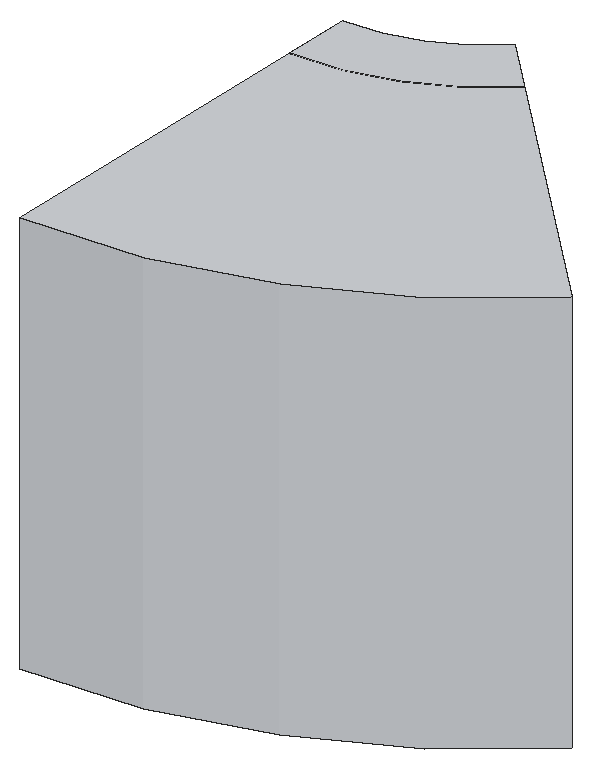
Revit family "M_Rectangular Elbow - Mitered - Splitter Vanes", category Duct Fittings, Revit 2014
Parameters (values of type "1 Splitter Vanes")
  Throat Radius [instance] = Center Radius - 0.5 * Duct Width  # 135 mm
  Splitter Vane Width 3 [instance] = Splitter Vane Radius 3 - Throat Radius  # 210.934 mm
  Splitter Vane Width 2 [instance] = Splitter Vane Radius 2 - Throat Radius  # 117.798 mm
  Splitter Vane Width 1 [instance] = Splitter Vane Radius 1 - Throat Radius  # 49.737 mm
  Splitter Vane Radius 3 [instance] = Throat Radius / (Curve Ratio * Curve Ratio * Curve Ratio)  # 345.934 mm
  Splitter Vane Radius 1 [instance] = Throat Radius / Curve Ratio  # 184.737 mm
  Splitter Vane Radius 2 [instance] = Throat Radius / (Curve Ratio * Curve Ratio)  # 252.798 mm
  Splitter Vane 3 [instance] = no
  Splitter Vane 2 [instance] = no
  Splitter Vane 1 [instance] = yes
  Length 3 [instance] = (Center Radius - Length 1 / 2) * cos(Angle / 2)  # 208.773 mm
  Length 2 [instance] = (Center Radius - Length 1 / 2) * sin(Angle / 2)  # 86.477 mm
  Duct Width [instance] = 300 mm
  Radius Ratio [instance] = 0.95
  Length 1 [instance] = Center Radius * tan(Angle / 2)  # 118.051 mm
  Duct Height [instance] = 300 mm
  Curve Ratio [instance] = Radius Ratio / 1.3  # 0.73077
  Center Radius 3 [instance] = Throat Radius + Splitter Vane Width 3 / 2  # 240.467 mm
  Center Radius 2 [instance] = Throat Radius + Splitter Vane Width 2 / 2  # 193.899 mm
  Center Radius 1 [instance] = Throat Radius + Splitter Vane Width 1 / 2  # 159.868 mm
  Center Radius [instance] = Radius Ratio * Duct Width  # 285 mm
  Assembly Code = ""
  Angle 1 [instance] = Angle / 2  # 22.50°
  Angle [instance] = 45.00°
Types (3, lengths in mm): name | Throat Radius | Splitter Vane Width 3 | Splitter Vane Width 2 | Splitter Vane Width 1 | Splitter Vane Radius 3 | Splitter Vane Radius 1 | Splitter Vane Radius 2 | Splitter Vane 3 | Splitter Vane 2 | Length 3 | Length 2 | Radius Ratio | Length 1 | Curve Ratio | Center Radius 3 | Center Radius 2 | Center Radius 1 | Center Radius
  3 Splitter Vanes | 150 | 179.55 | 103.5 | 45 | 329.55 | 195 | 253.5 | yes | yes | 219.761 | 91.028 | 1 | 124.264 | 0.76923 | 239.775 | 201.75 | 172.5 | 300
  2 Splitter Vanes | 150 | 179.55 | 103.5 | 45 | 329.55 | 195 | 253.5 | no | yes | 219.761 | 91.028 | 1 | 124.264 | 0.76923 | 239.775 | 201.75 | 172.5 | 300
  1 Splitter Vanes | 135 | 210.934 | 117.798 | 49.737 | 345.934 | 184.737 | 252.798 | no | no | 208.773 | 86.477 | 0.95 | 118.051 | 0.73077 | 240.467 | 193.899 | 159.868 | 285
Reference planes
  plane 1 "Center (Front/Back)": y = 0
  plane 2: z = 0
  plane 3 "Center (Left/Right)": x = 0
  plane 4: y = 285
  plane 5: x = -118.051
  plane 6: x = -31.574
  plane 7: y = 76.227
Forms (mm)
  Sweep 1, solid, detail levels medium+fine
    path in 3D
      loop
        arc (-118.051, 0, 0) -> (-8.986, 21.694, 0) -> (83.475, 83.475, 0) r 285
    profile "M_Duct - Rectangular : Duct - Rectangular" origin (-8.986, 21.694, 0) x (-0.382683, 0.92388, 0) y (0, 0, 1)
      loop
        line (-150, 150) -> (-150, -150) -> (150, -150) -> (150, 150) -> (-150, 150)
  Sweep 2, solid, visible <- "Splitter Vane 1", detail levels medium+fine
    path in 3D
      loop
        arc (-118.051, 125.132, 0) -> (-56.872, 137.301, 0) -> (-5.007, 171.956, 0) r 159.868
    profile "M_Duct - Rectangular : Duct - Splitter Vane 1" origin (-56.872, 137.301, 0) x (-0.382683, 0.92388, 0) y (0, 0, 1)
      loop
        line (-24.868, 150) -> (-24.868, -150) -> (24.868, -150) -> (24.868, 150) -> (-24.868, 150)
  Sweep 3, solid, visible <- "Splitter Vane 2", detail levels medium+fine
    path in 3D
      loop
        arc (-118.051, 91.101, 0) -> (-43.849, 105.861, 0) -> (19.056, 147.893, 0) r 193.899
    profile "M_Duct - Rectangular : Duct - Splitter Vane 2" origin (-43.849, 105.861, 0) x (-0.382683, 0.92388, 0) y (0, 0, 1)
      loop
        line (-58.899, 150) -> (-58.899, -150) -> (58.899, -150) -> (58.899, 150) -> (-58.899, 150)
  Sweep 4, solid, visible <- "Splitter Vane 3", detail levels medium+fine
    path in 3D
      loop
        arc (-118.051, 44.533, 0) -> (-26.028, 62.838, 0) -> (51.985, 114.964, 0) r 240.467
    profile "M_Duct - Rectangular : Duct - Splitter Vane 3" origin (-26.028, 62.838, 0) x (-0.382683, 0.92388, 0) y (0, 0, 1)
      loop
        line (-105.467, 150) -> (-105.467, -150) -> (105.467, -150) -> (105.467, 150) -> (-105.467, 150)
Lines and regions (mm)
  reference lines
    curve 1: line (-118.051, 0, 0) -> (0, 0, 0)
    curve 2: line (0, 0, 0) -> (83.475, 83.475, 0)
    curve 3: arc (-118.051, 0, 0) -> (-8.986, 21.694, 0) -> (83.475, 83.475, 0) r 285
    curve 4: line (-118.051, 285, 0) -> (83.475, 83.475, 0)
    curve 7: line (-118.051, 285, 0) -> (-118.051, 0, 0)
  sketch lines
    curve 5: arc (-118.051, 0, 0) -> (-8.986, 21.694, 0) -> (83.475, 83.475, 0) r 285
    curve 9: arc (-118.051, 125.132, 0) -> (-56.872, 137.301, 0) -> (-5.007, 171.956, 0) r 159.868
    curve 11: arc (-118.051, 91.101, 0) -> (-43.849, 105.861, 0) -> (19.056, 147.893, 0) r 193.899
    curve 13: arc (-118.051, 44.533, 0) -> (-26.028, 62.838, 0) -> (51.985, 114.964, 0) r 240.467
  model lines, style "DuctFitting", detail levels coarse
    curve 6: arc (-118.051, 0, 0) -> (-8.986, 21.694, 0) -> (83.475, 83.475, 0) r 285
  model lines, not visible
    curve 8: arc (-118.051, 125.132, 0) -> (-56.872, 137.301, 0) -> (-5.007, 171.956, 0) r 159.868
    curve 10: arc (-118.051, 91.101, 0) -> (-43.849, 105.861, 0) -> (19.056, 147.893, 0) r 193.899
    curve 12: arc (-118.051, 44.533, 0) -> (-26.028, 62.838, 0) -> (51.985, 114.964, 0) r 240.467
  model lines, detail levels coarse
    curve 14: line (-31.574, 76.227, 0) -> (13.602, -32.838, 0)
Dimensions and locks
  "Length 1": plane 5 to plane 3 "Center (Left/Right)"
  "Center Radius": plane 1 "Center (Front/Back)" to plane 4
  "Length 2": plane 5 to plane 6
  "Length 3": plane 7 to plane 4
  "Length 1": curve 14 to curve 14
  "Center Radius 1": radius of curve 8
  "Center Radius 2": radius of curve 10
  "Center Radius 3": radius of curve 12
  "Angle": angle curve 7 to curve 4
  "Angle": angle curve 6 to curve 6
  "Angle": angle curve 8 to curve 8
  "Angle": angle curve 10 to curve 10
  "Angle": angle curve 12 to curve 12
  "Angle 1": angle plane 5 to curve 14
  aligned and locked: plane 1 "Center (Front/Back)" to curve 1
  aligned and locked: plane 3 "Center (Left/Right)" to curve 1
  aligned and locked: plane 5 to curve 1
  aligned and locked: plane 4 to curve 3
  aligned and locked: plane 5 to curve 3
  aligned and locked: connector elem to curve 6
  aligned and locked: plane 4 to curve 6
  aligned and locked: plane 5 to curve 6  (x2)
  aligned and locked: curve 7 to plane 5
  aligned and locked: plane 4 to curve 7
  aligned and locked: plane 4 to curve 8
  aligned and locked: plane 5 to curve 8  (x2)
  aligned and locked: plane 5 to curve 10  (x2)
  aligned and locked: plane 4 to curve 10
  aligned and locked: plane 4 to curve 12
  aligned and locked: plane 5 to curve 12  (x2)
  aligned and locked: plane 7 to curve 14
  aligned and locked: plane 6 to curve 14
Connectors
  hvac at (-118.051, 0, 0), driven by "Duct Height", driven by "Duct Width", driven by "Angle"
    settings: on Sweep 1, index 1, duct flow 0.0 L/s, flow factor 0, pres drop 0.0 Pa, loss coef 0, conn angle 45.00°, conn width 300 mm, conn height 300 mm, conn diameter 609.6 mm, duct sys type 28, conn prof type 1, flow config 0, flow direction 0, loss method 0, conn ref index 2, conn util no, is conn primary yes, conn desc ""
  hvac at (83.475, 83.475, 0), driven by "Angle", driven by "Duct Height", driven by "Duct Width"
    settings: on Sweep 1, index 2, duct flow 0.0 L/s, flow factor 0, pres drop 0.0 Pa, loss coef 0, conn angle 45.00°, conn width 300 mm, conn height 300 mm, conn diameter 609.6 mm, duct sys type 28, conn prof type 1, flow config 0, flow direction 0, loss method 0, conn ref index 1, conn util no, is conn primary no, conn desc ""
